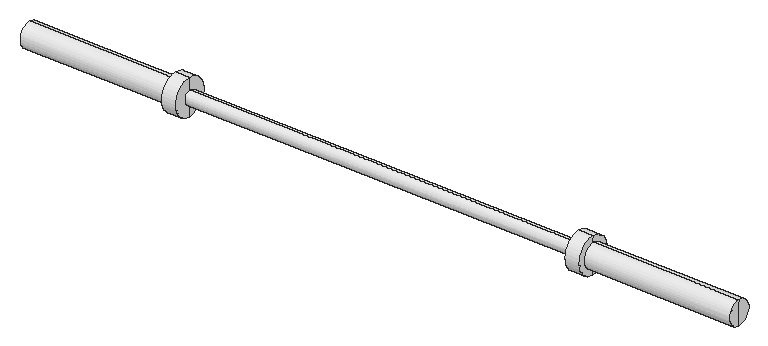
Revit family "Гриф олимпийский юниорский", category Оборудование, Revit 2017
Family settings
  Размер круглого соединителя = Использовать диаметр
  Тип детали = Нормальный
  На основе рабочей плоскости = Нет
  Всегда вертикально = Да
  При загрузке вырезать с полостями = Нет
  Общий = Нет
  Точка расчета площади = Нет
Parameters
  Ширина = 1530.0 mm
  Примечание = ""
  Позиция = ""
  Обозначение = "-"
  Наименование = "Гриф олимпийский юниорский"
  Масса = "12"
  Код оборудования = ""
  Keynote = ""
  Изготовитель = "Severin"
  Завод = ""
  Единицы = "шт."
  Model = ""
  Глубина = 75.0 mm
  Высота = 75.0 mm
  Задание [instance] = ""
Reference planes
  plane 1 "По центру (Вперед/Назад)": y = 0
  plane 2: z = 0
  plane 3 "По центру (Влево/Вправо)": x = 0
Forms (mm)
  Revolve 1, solid, material "метхром"
    sketch origin (0, 17.091, 0) x (1, 0, 0) y (0, 0, 1)
      loop
        line (-765, 37.5) -> (765, 37.5) -> (765, 62.5) -> (450, 62.5) -> (450, 75) -> (420, 75) -> (420, 51.5) -> (-420, 51.5) -> (-420, 75) -> (-450, 75) -> (-450, 62.5) -> (-765, 62.5) -> (-765, 37.5)
      axis (-765, 37.5) -> (765, 37.5)
    angle from 0 to 360
  Revolve 2, solid, material "метхром", not visible
    sketch origin (0, -789.159, 1556.311) x (1, 0, 0) y (0, 0, 1)
      loop
        line (-1100, 37.5) -> (1100, 37.5) -> (1100, 62.5) -> (685, 62.5) -> (685, 75) -> (655, 75) -> (655, 51.5) -> (410, 51.5) -> (410, 52.5) -> (405, 52.5) -> (405, 51.5) -> (-405, 51.5) -> (-405, 52.5) -> (-410, 52.5) -> (-410, 51.5) -> (-655, 51.5) -> (-655, 75) -> (-685, 75) -> (-685, 62.5) -> (-1100, 62.5) -> (-1100, 37.5)
      axis (-1100, 37.5) -> (1100, 37.5)
    angle from 0 to 360
Dimensions and locks
  aligned and locked: level to plane 2
